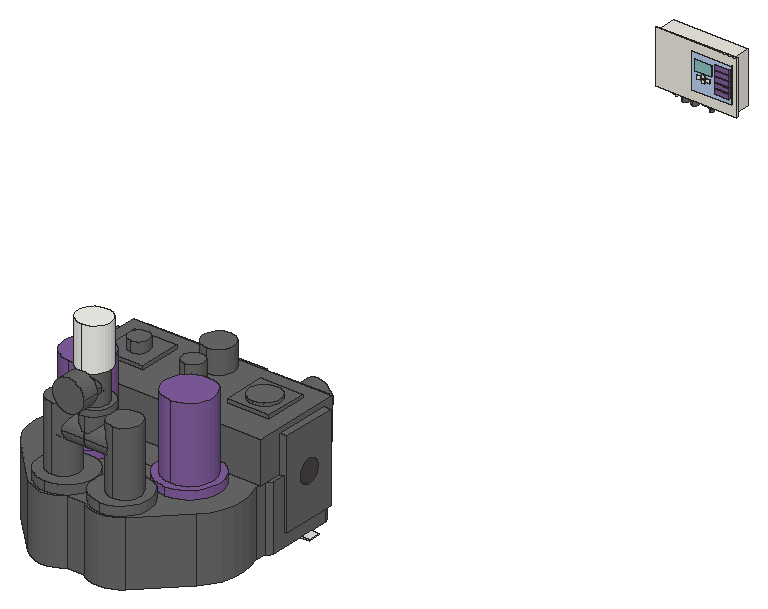
Revit family "28629-c", category Generic Models, Revit 2021 (continued)
Definition of nested family "28629-c_part2_X0Y0"
  Definition of nested family "28629-c_part2_content"
    Forms (mm)
      Extrusion 26, solid, detail levels medium+fine
        sketch origin (-154.6, 2.2, 387.8) x (0, -1, 0) y (0, 0, 1)
          loop
            line (0, 12.2) -> (0, 0) -> (154, 0) -> (154, 12.2) -> (0, 12.2)
        from 0 to 152
      Extrusion 27, solid, detail levels medium+fine
        sketch origin (-230.6, -74.8, 399.99) x (0, 1, 0) y (-1, 0, 0)
          loop
            circle (0, 0) r 36
        from 0 to 36.5
      Extrusion 28, solid, detail levels medium+fine
        sketch origin (130, 64.5, 55.8) x (0, 1, 0) y (0, 0, 1)
          loop
            line (0, 315) -> (0, 0) -> (25.5, 0) -> (25.5, 315) -> (0, 315)
        from 0 to 200
      Extrusion 29, solid, detail levels medium+fine
        sketch origin (230, 89.99, 301) x (-1, 0, 0) y (0, 0, 1)
          loop
            circle (0, 0) r 55
        from 0 to 75
      Extrusion 30, solid, detail levels medium+fine
        sketch origin (230, 89.99, 81.07) x (-1, 0, 0) y (0, 0, 1)
          loop
            circle (0, 0) r 20
        from 0 to 75
      Extrusion 31, solid, detail levels medium+fine
        sketch origin (-330.3, 64.5, 56) x (0, 1, 0) y (0, 0, 1)
          loop
            line (0, 315) -> (0, 0) -> (25.5, 0) -> (25.5, 315) -> (0, 315)
        from 0 to 200
      Extrusion 32, solid, detail levels medium+fine
        sketch origin (-230.25, 89.99, 214) x (1, 0, 0) y (0, 0, -1)
          loop
            circle (0, 0) r 40
        from 0 to 1.5
      Extrusion 33, solid, detail levels medium+fine
        sketch origin (361.5, -175, 56) x (0, 1, 0) y (0, 0, 1)
          loop
            line (0, 315) -> (0, 0) -> (200, 0) -> (200, 315) -> (0, 315)
        from 0 to 28.5
      Extrusion 34, solid, detail levels medium+fine
        sketch origin (390, -74.999, 214) x (0, -1, 0) y (0, 0, -1)
          loop
            circle (0, 0) r 40
        from 0 to 1.5
      Extrusion 35, solid, detail levels medium+fine
        sketch origin (-390, -175, 56) x (0, 1, 0) y (0, 0, 1)
          loop
            line (0, 315) -> (0, 0) -> (200, 0) -> (200, 315) -> (0, 315)
        from 0 to 29.5
      Extrusion 36, solid, detail levels medium+fine
        sketch origin (-390, -75, 214) x (0, 1, 0) y (0, 0, -1)
          loop
            circle (0, 0) r 40
        from 0 to 1.5
      Extrusion 37, solid, detail levels medium+fine
        sketch origin (-378.5, -52.33, 0) x (0, -1, 0) y (0, 0, 1)
          loop
            line (0, 5) -> (0, 0) -> (45, 0) -> (45, 5) -> (0, 5)
        from 0 to 31.5
      Extrusion 38, solid, detail levels medium+fine
        sketch origin (377.3, -97.33, 0) x (0, 1, 0) y (0, 0, 1)
          loop
            line (0, 5) -> (0, 0) -> (45, 0) -> (45, 5) -> (0, 5)
        from 0 to 32.5
      Extrusion 39, solid, detail levels coarse
        sketch origin (-0.1, -260.505, 0) x (1, 0, 0) y (0, 1, 0)
          loop
            line (-409.9, -425.495) -> (409.9, -425.495) -> (409.9, 425.495) -> (-409.9, 425.495) -> (-409.9, -425.495)
        from 0 to 799
    Dimensions and locks
      aligned and locked: level to plane 2
